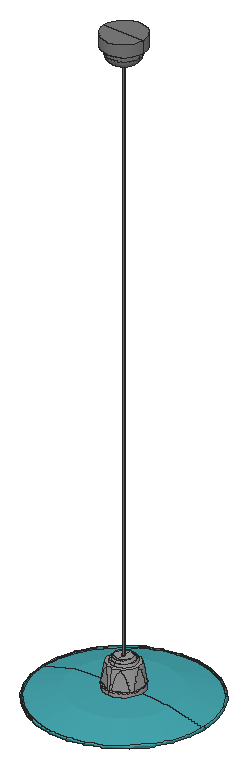
Revit family "Euro Barn Slim EU9  (14,16,18,20,22) LED", category Lighting Fixtures, Revit 2020
Family settings
  Round Connector Dimension = Use Diameter
  Part Type = Normal
  OmniClass Number = 23.80.70.00
  OmniClass Title = Lighting
  Work Plane-Based = No
  Always vertical = Yes
  Cut with Voids When Loaded = No
  Light Source = Yes
  Shared = No
  Room Calculation Point = No
Parameters (values of type "EU922")
  Weight = "5.7 lbs"
  Wattage Comments = "200W Max"
  Wattage = 0.68 W
  Warranty = "5 year limited warranty"  # constant formula
  built-in parameter 1150110 = 1 (stored number, unit not read)
  Voltage = 277 V
  URL = "https://www.anplighting.com/assets/Uploads/product-attachments/specification-sheets/ANP-Specification-Sheet-INC-EU922.pdf"
  built-in parameter 1114217 = 1 (stored number, unit not read)
  Tilt Angle = 90.00°
  built-in parameter 1150109 = 1 (stored number, unit not read)
  built-in parameter 1150134 = 12
  built-in parameter 1150113 = 1 (stored number, unit not read)
  Mounting Option [instance] = 1
  Power Factor = 1
  Post Mount [instance] = Mounting Option = 5  # no
  Placement X axis side [instance] = if(Post Mount, 2' 2 15/32", if(Cord or Stem Mount, 0' 0", if(E36 20 inch, 1' 8 1/4", if(E 6 26 inch, 2' 2", if(E7 41 inch, 3' 5 1/4", 0' 1")))))  # 0' - 0"
  Photometric Web File = "generic.ies"
  Mounting Finish = Mounting finish
  Model = "EU922"
  Manufacturer = "ANP Lighting"  # constant formula
  built-in parameter 1150105 = 127.85 (stored number, unit not read)
  Lumens = 850 lm
  built-in parameter 1150115 = 1 (stored number, unit not read)
  Load Classification = Lighting
  Light Source Height [instance] = 0' - 4"
  built-in parameter 1150137 = (empty or 0)
  built-in parameter 1150139 = (empty or 0)
  Light Elevation _2 [instance] = if(Post Mount, 0' 0.66142", if(E7 41 inch, 0' 0.66142", if(E36 20 inch, 0' 1.65748", if(E 6 26 inch, 0' 1.53543", if(Cord or Stem Mount, (0' 4.3622" + Cord Length), 0' 0")))))  # 6' - 4.3622"
  Light Elevation _1 [instance] = if(Post Mount, 0' 0", if(E7 41 inch, 0' 0", if(E36 20 inch, 0' 1", if(E 6 26 inch, 0' 0.87402", if(Cord or Stem Mount, (0' 3.66142" + Cord Length), 0' 0")))))  # 6' - 3.66142"
  Light Elevation [instance] = if(Post Mount, 14' 0.5315", if(E7 41 inch, 0' 0", 0' 0"))  # 0' - 0"
  Life = "L70 50,000 hours"  # constant formula
  built-in parameter 1150112 = 1 (stored number, unit not read)
  built-in parameter 1150114 = 1 (stored number, unit not read)
  Lamp = "MB"
  built-in parameter 1150132 = 2
  built-in parameter 1150102 = (empty or 0)
  built-in parameter 1150107 = 4000 (stored number, unit not read)
  built-in parameter 1150138 = (empty or 0)
  built-in parameter 1150106 = 1.2785 (stored number, unit not read)
  Fixture Height = 0' - 5 1/4"
  Fixture Finish = Fixture finish
  Fixture Diameter = 1' - 10"
  Efficiency = "65-125 lumens per watt"  # constant formula
  built-in parameter 1150104 = 116.13 (stored number, unit not read)
  EU922 = yes
  EU920 = no
  EU918 = no
  EU916 = no
  EU914 = no
  E7 41 inch [instance] = Mounting Option = 4  # no
  E36 20 inch [instance] = Mounting Option = 3  # no
  E 6 26 inch [instance] = Mounting Option = 2  # no
  Dimming Lamp Color Temperature Shift = <None>
  Dimming = "1%"  # constant formula
  Description = "120-277 Voltage"  # constant formula
  Default Elevation = 0' - 0"
  Cord or Stem Mount [instance] = Mounting Option = 1  # yes
  Cord Length option [instance] = 0
  Cord Length [instance] = if([2' Cord], 2' 0", if([4' Cord], 4' 0", if([8' Cord], 8' 0", if([10' Cord], 10' 0", if([6' Cord], 6' 0", 6' 0")))))  # 6' - 0"
  Construction Material = "Heavy Duty spun aluminum."  # constant formula
  Color Filter = 16777215
  CRI = ">90"  # constant formula
  Body Material = body
  Body Colour = "Spun aluminium"  # constant formula
  built-in parameter 1114218 = 1 (stored number, unit not read)
  built-in parameter 1150133 = 10 (stored number, unit not read)
  Apparent Load = 200 VA
  8' Cord [instance] = Cord Length option = 8  # no
  6' Cord [instance] = Cord Length option = 6  # no
  4' Cord [instance] = Cord Length option = 4  # no
  2' Cord [instance] = Cord Length option = 2  # no
  10' Cord [instance] = Cord Length option = 10  # no
Reference planes (in)
  plane 1 "Light Source Axis (F/B)": y = 0
  plane 2: z = 0
  plane 3 "Light Source Axis (L/R)": x = 0
  plane 4 "Light Source Elevation": z = 0
  plane 5: z = 0
  plane 6: x = 0
  plane 7 "Bulb Position": z = -76.3622
  plane 8 "Canopy Position": z = -75.66142
  plane 9 "IES": z = -80.3622
Dimensions and locks (in)
  "Light Elevation": plane 5 to plane 2
  "Placement X axis side": plane 6 to plane 3 "Light Source Axis (L/R)"
  "Light Elevation _2": plane 5 to plane 7 "Bulb Position"
  "Light Elevation _1": plane 5 to plane 8 "Canopy Position"
  "Light Source Height": plane 7 "Bulb Position" to plane 9 "IES"
  locked: plane 4 "Light Source Elevation" to plane 2
  aligned and locked: level to plane 2
  aligned and locked: plane 1 "Light Source Axis (F/B)" to nested 5
  aligned and locked: nested 5 to plane 2
  aligned and locked: nested 1 to plane 3 "Light Source Axis (L/R)"
  aligned and locked: plane 3 "Light Source Axis (L/R)" to nested 2
  aligned and locked: plane 3 "Light Source Axis (L/R)" to nested 4
  aligned and locked: nested 3 to plane 5
  aligned and locked: plane 3 "Light Source Axis (L/R)" to nested 3
  aligned and locked: plane 3 "Light Source Axis (L/R)" to nested 5
  aligned and locked: plane 1 "Light Source Axis (F/B)" to nested 2
  aligned and locked: plane 1 "Light Source Axis (F/B)" to nested 1
  aligned and locked: plane 1 "Light Source Axis (F/B)" to nested 4
  aligned and locked: plane 1 "Light Source Axis (F/B)" to nested 3
  aligned and locked: plane 2 to nested 1
  aligned and locked: plane 2 to nested 2
  aligned and locked: nested 4 to plane 2
  aligned and locked: imposter light to plane 9 "IES"
  aligned and locked: imposter light to plane 6
  aligned and locked: nested 6 to plane 8 "Canopy Position"
  aligned and locked: nested 7 to plane 8 "Canopy Position"
  aligned and locked: nested 8 to plane 8 "Canopy Position"
  aligned and locked: nested 9 to plane 8 "Canopy Position"
  aligned and locked: nested 10 to plane 8 "Canopy Position"
  aligned and locked: nested 6 to plane 6
  aligned and locked: nested 7 to plane 6
  aligned and locked: nested 8 to plane 6
  aligned and locked: nested 9 to plane 6
  aligned and locked: nested 10 to plane 6
Nested families (in)
  nested 1: "CORD OR STEM MOUNT" at (0, 0, -75.67), visible <- "Cord or Stem Mount", Cord or Stem Mount <- "Cord or Stem Mount", Body Material <- "Body Material", Light Elevation <- "Light Elevation", Cord Length <- "Cord Length", 10' Cord <- "10' Cord", 2' Cord <- "2' Cord", 4' Cord <- "4' Cord", 6' Cord <- "6' Cord", 8' Cord <- "8' Cord", type "CORD OR STEM MOUNT"
    with Light Elevation 0' - 0", Cord or Stem Mount yes, Cord Length 6' - 0", Body Material body, 8' Cord no, 6' Cord no, 4' Cord no, 2' Cord no, 10' Cord no
  nested 2: "E6 26 INCH" at (0, 0, 0), visible <- "E 6 26 inch", Chain Length <- "Cord Length", E 6 26 inch <- "E 6 26 inch", Placement X axis side <- "Placement X axis side", Body Material <- "Body Material", Light Elevation <- "Light Elevation", type "E6 26 INCH"
    with Placement X axis side 0' - 0", Light Elevation 0' - 0", E 6 26 inch no, Chain Length 6' - 0", Body Material body
  nested 3: "E7 41 INCH" at (0, 0, 0), Chain Length <- "Cord Length", visible <- "E7 41 inch", E7 41 inch <- "E7 41 inch", Placement X axis side <- "Placement X axis side", Body Material <- "Body Material", Light Elevation <- "Light Elevation", type "E7 41 INCH"
    with Placement X axis side 0' - 0", Light Elevation 0' - 0", E7 41 inch no, Chain Length 6' - 0", Body Material body
  nested 4: "E36 20 INCH" at (0, 0, 0), visible <- "E36 20 inch", E36 20 inch <- "E36 20 inch", Placement X axis side <- "Placement X axis side", Chain Length <- "Cord Length", Body Material <- "Body Material", Light Elevation <- "Light Elevation", type "E36 20 INCH"
    with Placement X axis side 0' - 0", Light Elevation 0' - 0", E36 20 inch no, Chain Length 6' - 0", Body Material body
  nested 5: "POST MOUNT" at (0, 0, 0), visible <- "Post Mount", Post Mount <- "Post Mount", Placement X axis side <- "Placement X axis side", Chain Length <- "Cord Length", Body Material <- "Body Material", Light Elevation <- "Light Elevation", type "POST MOUNT"
    with Post Mount no, Placement X axis side 0' - 0", Light Elevation 0' - 0", Chain Length 6' - 0", Body Material body
  nested 6: "EU914-1" at (0, 0, -75.66142), Light Elevation <- "Light Elevation", Body <- "Fixture Finish", visible <- "EU914", EU914 <- "EU914", type "EU914-1"
    with Light Elevation 0' - 0", EU914 no, Body Fixture finish
  nested 7: "EU916-1" at (0, 0, -75.66142), Light Elevation <- "Light Elevation", Body <- "Fixture Finish", visible <- "EU916", EU916 <- "EU916", type "EU916-1"
    with Light Elevation 0' - 0", EU916 no, Body Fixture finish
  nested 8: "EU918-1" at (0, 0, -75.66142), Light Elevation <- "Light Elevation", Body <- "Fixture Finish", visible <- "EU918", EU918 <- "EU918", type "EU918-1"
    with Light Elevation 0' - 0", EU918 no, Body Fixture finish
  nested 9: "EU920-1" at (0, 0, -75.66142), Light Elevation <- "Light Elevation", Body <- "Fixture Finish", visible <- "EU920", EU920 <- "EU920", type "EU920-1"
    with Light Elevation 0' - 0", EU920 no, Body Fixture finish
  nested 10: "EU922-1" at (0, 0, -75.66142), Light Elevation <- "Light Elevation", Body <- "Fixture Finish", visible <- "EU922", EU922 <- "EU922", type "EU922-1"
    with Light Elevation 0' - 0", EU922 yes, Body Fixture finish
Definition of nested family "CORD OR STEM MOUNT"
  Parameters (values of type "CORD OR STEM MOUNT")
    URL = ""
    Model = ""
    Manufacturer = ""
    Light Elevation [instance] = 1' - 7.69"
    Default Elevation = 0' - 0"
    Cord or Stem Mount [instance] = yes
    Cord Length [instance] = 6' - 0"
    Body Material [instance] = none
    8' Cord [instance] = no
    6' Cord [instance] = no
    4' Cord [instance] = no
    2' Cord [instance] = no
    10' Cord [instance] = no
  Reference planes (in)
    plane 1 "Light Source Axis (F/B)": y = 0
    plane 2: z = 0
    plane 3 "Light Source Axis (L/R)": x = 0
    plane 4 "Light Source Elevation": z = 23.125
    plane 5: z = 91.69
    plane 6: z = 19.69
  Forms (in)
    Extrusion 1, void, not visible
      sketch origin (0, 0, 2.38154) x (1, 0, 0) y (0, 0, 1)
        loop
          circle (0, 4.59925) r 0.16583
      from 1.18594 to 1.75
    Extrusion 2, void, not visible
      sketch origin (0, 0, 2.38154) x (0.707107, -0.707107, 0) y (0, 0, 1)
        loop
          circle (0, 4.59925) r 0.16583
      from 1.18594 to 1.75
    Extrusion 3, void, not visible
      sketch origin (0, 0, 2.38154) x (0.707107, 0.707107, 0) y (0, 0, 1)
        loop
          circle (0, 4.59925) r 0.16583
      from 1.18594 to 1.75
    Extrusion 4, void, not visible
      sketch origin (0, 0, 2.38154) x (0, 1, 0) y (0, 0, 1)
        loop
          circle (0, 4.59925) r 0.16583
      from 1.18594 to 1.75
    Extrusion 5, void, not visible
      sketch origin (0, 0, 2.38154) x (-0.707107, 0.707107, 0) y (0, 0, 1)
        loop
          circle (0, 4.59925) r 0.16583
      from 1.18594 to 1.75
    Extrusion 6, void, not visible
      sketch origin (0, 0, 2.38154) x (-1, 0, 0) y (0, 0, 1)
        loop
          circle (0, 4.59925) r 0.20678
      from 1.18594 to 1.75
    Extrusion 7, void, not visible
      sketch origin (0, 0, 2.38154) x (-0.707107, -0.707107, 0) y (0, 0, 1)
        loop
          circle (0, 4.59925) r 0.16583
      from 1.18594 to 1.75
    Extrusion 8, void, not visible
      sketch origin (0, 0, 2.38154) x (0, -1, 0) y (0, 0, 1)
        loop
          circle (0, 4.59925) r 0.16583
      from 1.18594 to 1.75
    Revolve 9, solid, material <- "Body Material", visible <- "Cord or Stem Mount"
      sketch origin (0, 0, 174.56698) x (1, 0, 0) y (0, 0, 1)
        loop
          line (2.6875, -79.20698) -> (0, -79.20698) -> (0, -82.87698) -> (0.125, -82.87698) -> (0.125, -82.83698) -> (0.75, -82.83698)
          arc (0.75, -82.83698) -> (0.81694, -82.77004) -> (0.75, -82.7031) r 0.06694
          line (0.75, -82.7031) -> (0.89763, -82.7031) -> (1.00223, -82.5985) -> (1.06587, -82.5985)
          arc (1.06587, -82.5985) -> (1.80099, -82.29401) -> (2.10549, -81.55888) r 1.03962
          line (2.10549, -81.55888) -> (2.10549, -81.03899)
          arc (2.10549, -81.03899) -> (2.12951, -80.981) -> (2.1875, -80.95698) r 0.08201
          line (2.1875, -80.95698) -> (2.1875, -80.70698) -> (2.6875, -80.70698) -> (2.6875, -79.20698)
        axis (0, -79.20698) -> (0, -82.87698)
      angle from 0 to 360
    Revolve 10, solid, material <- "Body Material", visible <- "Cord or Stem Mount"
      sketch origin (0, 0, 0) x (1, 0, 0) y (0, 0, 1)
        loop
          line (0, 91.69) -> (-0.125, 91.69) -> (-0.125, 19.69) -> (0, 19.69) -> (0, 91.69)
        axis (0, 19.69) -> (0, 91.69)
      angle from 0 to 360
  Dimensions and locks (in)
    "Light Elevation": plane 6 to plane 2
    "Cord Length": plane 5 to plane 6
    locked: Revolve 10 sketch curve to Revolve 10 sketch curve at 0.125
    aligned and locked: level to plane 2
    aligned and locked: Revolve 10 sketch curve to plane 3 "Light Source Axis (L/R)"
    aligned and locked: Revolve 10 sketch curve to plane 6
    aligned and locked: Revolve 10 sketch curve to plane 5
    aligned and locked: plane 3 "Light Source Axis (L/R)" to Revolve 10 sketch curve
  Automatic sketch dimensions
    Revolve 9 sketch curve to plane 3 "Light Source Axis (L/R)" = 0' - 0"  (x2)
    Revolve 9 sketch curve to plane 5 = 0' - 0"
    plane 3 "Light Source Axis (L/R)" to Revolve 9 sketch curve = 0' - 0 1/8"
    Revolve 9 sketch curve to plane 5 = 0' - 0.17388"
    Revolve 9 sketch curve to Revolve 9 sketch curve = 0' - 0 5/8"
    Revolve 9 sketch curve to Revolve 9 sketch curve = 0' - 0.14763"
    Revolve 9 sketch curve to plane 5 = 0' - 0.27847"
    Revolve 9 sketch curve to Revolve 9 sketch curve = 0' - 0.1046"
    Revolve 9 sketch curve to Revolve 9 sketch curve = 0' - 0.06364"
    Revolve 9 sketch curve to Revolve 9 sketch curve = 0' - 1.03962"
    Revolve 9 sketch curve to Revolve 9 sketch curve = 0' - 0 21/256"
    Revolve 9 sketch curve to Revolve 9 sketch curve = 0' - 0 1/2"  (x2)
    Revolve 9 sketch curve to Revolve 9 sketch curve = 0' - 0.51989"
    Revolve 9 sketch curve to Revolve 9 sketch curve = 0' - 0 1/4"
    Revolve 9 sketch curve to Revolve 9 sketch curve = 0' - 2.3519"
    Revolve 9 sketch curve to Revolve 9 sketch curve = 0' - 1 1/4"
    Revolve 9 sketch curve to Revolve 9 sketch curve = 0' - 0.04"
    Revolve 10 sketch curve to Revolve 10 sketch curve = 0' - 0 1/2"
    Revolve 10 sketch curve to Revolve 10 sketch curve = 0' - 0.42345"
Definition of nested family "EU922-1"
  Parameters (values of type "EU922-1")
    Mounting Finish = none
    Light Elevation [instance] = 0' - 0"
    EU922 [instance] = yes
    Default Elevation = 0' - 0"
    Body [instance] = none
  Reference planes (in)
    plane 1 "Center (Front/Back)": y = 0
    plane 2: z = 0
    plane 3 "Center (Left/Right)": x = 0
    plane 4: z = 0
  Dimensions and locks (in)
    "Light Elevation": plane 4 to plane 2
    aligned and locked: plane 2 to level
    aligned and locked: plane 3 "Center (Left/Right)" to nested 1
    aligned and locked: plane 1 "Center (Front/Back)" to nested 1
    aligned and locked: plane 4 to nested 1
  Nested families (in)
    nested 1: "EU922" at (0, 0, -5.25), visible <- "EU922", Body <- "Body", EU922 <- "EU922", type "EU922"
      with EU922 yes, Body none
  Definition of nested family "EU922"
    Parameters (values of type "EU922")
      SHADE = none
      HUB = none
      EU922 [instance] = yes
      Default Elevation = 0' - 0"
      Body [instance] = none
    Reference planes (in)
      plane 1 "Center (Front/Back)": y = 0
      plane 2: z = 0
      plane 3 "Center (Left/Right)": x = 0
      plane 4: x = -11
      plane 5: x = 11
      plane 6: z = 5.25
    Forms (in)
      Revolve 1, solid, material <- "HUB", visible <- "EU922"
        sketch origin (0, 11.70542, -5.46062) x (0, 1, 0) y (0, 0, 1)
          loop
            arc (-12.84617, 10.71062) -> (-12.87485, 10.70158) -> (-12.89316, 10.67772) r 0.05
            line (-12.89316, 10.67772) -> (-13.01461, 10.34404) -> (-13.21461, 10.34404) -> (-13.31652, 10.06404) -> (-13.6924, 9.92723) -> (-14.13025, 7.44404) -> (-14.16127, 7.44404)
            arc (-14.16127, 7.44404) -> (-14.1928, 7.42739) -> (-14.20542, 7.39404) r 0.05039
            line (-14.20542, 7.39404) -> (-14.20542, 6.89404) -> (-11.95542, 6.89404) -> (-11.95542, 10.71062) -> (-12.84617, 10.71062)
          axis (-11.70542, 10.71062) -> (-11.70542, 6.89404)
        angle from 0 to 360
      Extrusion 2, void
        sketch origin (11.70542, 0, -5.46062) x (1, 0, 0) y (0, 0, 1)
          loop
            line (-9.24957, 7.44404) -> (-9.24957, 10.19404) -> (-9.7364, 10.19404) -> (-9.4864, 7.44404) -> (-9.24957, 7.44404)
        from -1.03027 to 1.03705
      Extrusion 3, void
        sketch origin (-11.70542, 0.0024, -5.46062) x (-1, 0.000784, 0) y (0, 0, 1)
          loop
            line (-9.24957, 7.44404) -> (-9.24957, 10.19404) -> (-9.7364, 10.19404) -> (-9.4864, 7.44404) -> (-9.24957, 7.44404)
        from -1.03027 to 1.03705
      Extrusion 4, void
        sketch origin (5.85368, 10.13421, -5.46062) x (0.500262, 0.865874, 0) y (0, 0, 1)
          loop
            line (-9.24957, 7.44404) -> (-9.24957, 10.19404) -> (-9.7364, 10.19404) -> (-9.4864, 7.44404) -> (-9.24957, 7.44404)
        from -1.03027 to 1.03705
      Extrusion 5, void
        sketch origin (-5.85996, -10.13543, -5.46062) x (-0.500941, -0.865481, 0) y (0, 0, 1)
          loop
            line (-9.24957, 7.44404) -> (-9.24957, 10.19404) -> (-9.7364, 10.19404) -> (-9.4864, 7.44404) -> (-9.24957, 7.44404)
        from -1.03027 to 1.03705
      Extrusion 6, void
        sketch origin (-5.84989, 10.13882, -5.46062) x (-0.49958, 0.866268, 0) y (0, 0, 1)
          loop
            line (-9.24957, 7.44404) -> (-9.24957, 10.19404) -> (-9.7364, 10.19404) -> (-9.4864, 7.44404) -> (-9.24957, 7.44404)
        from -1.03027 to 1.03705
      Extrusion 7, void
        sketch origin (5.84361, -10.14244, -5.46062) x (0.4989, -0.866659, 0) y (0, 0, 1)
          loop
            line (-9.24957, 7.44404) -> (-9.24957, 10.19404) -> (-9.7364, 10.19404) -> (-9.4864, 7.44404) -> (-9.24957, 7.44404)
        from -1.03027 to 1.03705
      Revolve 8, solid, material <- "Body", visible <- "EU922"
        sketch origin (0, 0, 0) x (1, 0, 0) y (0, 0, 1)
          loop
            line (-1.94893, 2.10445) -> (-1.99893, 2.10445) -> (-2.25, 1.85338) -> (-2.25, 1.40598)
            arc (-2.25, 1.40598) -> (-6.6279, 1.18624) -> (-10.87243, 0.09159) r 21.71078
            arc (-10.87243, 0.09159) -> (-10.90649, 0.1265) -> (-10.8625, 0.14754) r 0.03
            arc (-10.8625, 0.14754) -> (-10.79884, 0.16602) -> (-10.81732, 0.22969) r 0.04688
            arc (-10.81732, 0.22969) -> (-10.99975, 0.1366) -> (-10.84584, 0.00147) r 0.12375
            arc (-10.84584, 0.00147) -> (-6.56809, 1.10048) -> (-2.15625, 1.3071) r 21.61703
            line (-2.15625, 1.3071) -> (-2.15625, 1.81455) -> (-1.93264, 2.03816)
            arc (-1.93264, 2.03816) -> (-1.9148, 2.07769) -> (-1.94893, 2.10445) r 0.03515
          axis (0, 0.00147) -> (0, 2.10445)
        angle from 0 to 360
    Cuts and joins
      Extrusion 2, Extrusion 3, Extrusion 4, Extrusion 5, Extrusion 6, Extrusion 7 cuts Revolve 1
    Dimensions and locks (in)
      locked: plane 5 to plane 4 at 22
      locked: plane 6 to level at 5.25
      aligned and locked: plane 2 to level
Definition of nested family "E6 26 INCH"
  Parameters (values of type "E6 26 INCH")
    URL = ""
    Placement X axis side [instance] = 2' - 2"
    Model = ""
    Manufacturer = ""
    Light Elevation [instance] = 8' - 4"
    E 6 26 inch [instance] = yes
    Default Elevation = 0' - 0"
    Chain Length [instance] = 0' - 0"
    Body Material [instance] = none
  Reference planes (in)
    plane 1 "Light Source Axis (F/B)": y = 0
    plane 2: z = 0
    plane 3 "Light Source Axis (L/R)": x = 0
    plane 4 "Light Source Elevation": z = 23.125
    plane 5: z = 100
    plane 6: x = -26
    plane 7: z = 99.125
    plane 8: x = -24.12
    plane 9: x = -25.5474
  Forms (in)
    Extrusion 1, void, not visible
      sketch origin (0, 0, 2.38154) x (1, 0, 0) y (0, 0, 1)
        loop
          circle (0, 4.59925) r 0.16583
      from 1.18594 to 1.75
    Extrusion 2, void, not visible
      sketch origin (0, 0, 2.38154) x (0.707107, -0.707107, 0) y (0, 0, 1)
        loop
          circle (0, 4.59925) r 0.16583
      from 1.18594 to 1.75
    Extrusion 3, void, not visible
      sketch origin (0, 0, 2.38154) x (0.707107, 0.707107, 0) y (0, 0, 1)
        loop
          circle (0, 4.59925) r 0.16583
      from 1.18594 to 1.75
    Extrusion 4, void, not visible
      sketch origin (0, 0, 2.38154) x (0, 1, 0) y (0, 0, 1)
        loop
          circle (0, 4.59925) r 0.16583
      from 1.18594 to 1.75
    Extrusion 5, void, not visible
      sketch origin (0, 0, 2.38154) x (-0.707107, 0.707107, 0) y (0, 0, 1)
        loop
          circle (0, 4.59925) r 0.16583
      from 1.18594 to 1.75
    Extrusion 6, void, not visible
      sketch origin (0, 0, 2.38154) x (-1, 0, 0) y (0, 0, 1)
        loop
          circle (0, 4.59925) r 0.20678
      from 1.18594 to 1.75
    Extrusion 7, void, not visible
      sketch origin (0, 0, 2.38154) x (-0.707107, -0.707107, 0) y (0, 0, 1)
        loop
          circle (0, 4.59925) r 0.16583
      from 1.18594 to 1.75
    Extrusion 8, void, not visible
      sketch origin (0, 0, 2.38154) x (0, -1, 0) y (0, 0, 1)
        loop
          circle (0, 4.59925) r 0.16583
      from 1.18594 to 1.75
    Sweep 9, solid, material <- "Body Material", visible <- "E 6 26 inch"
      path origin (-41.25, 0, 168.51693) x (1, 0, 0) y (0, 0, 1)
        loop
          line (17.13, -68.51693) -> (27.68551, -68.51693)
          arc (27.68551, -68.51693) -> (28.47996, -68.34486) -> (29.13202, -67.8595) r 1.92004
          line (29.13202, -67.8595) -> (34.23651, -62.01155)
          arc (34.23651, -62.01155) -> (38.65464, -60.89667) -> (41.25, -64.64193) r 4
          line (41.25, -64.64193) -> (41.25, -69.39193)
      profile origin (-18.84224, 0, 100) x (0, 0, 1) y (0, -1, 0)
        loop
          circle (0, 0) r 0.5
    Revolve 10, solid, material <- "Body Material", visible <- "E 6 26 inch"
      sketch origin (-26, 0, 168.51693) x (1, 0, 0) y (0, 0, 1)
        loop
          line (0, -66.07943) -> (0, -68.51693) -> (1.88, -68.51693) -> (1.88, -67.69272) -> (0.4526, -67.69272) -> (0.4526, -66.54122) -> (0.33125, -66.54122) -> (0.33125, -66.07943) -> (0, -66.07943)
        axis (0, -68.51693) -> (1.88, -68.51693)
      angle from 0 to 360
    Extrusion 11, solid, material <- "Body Material", visible <- "E 6 26 inch"
      sketch origin (-26, 0, 168.51693) x (0, -1, 0) y (0, 0, -1)
        loop
          line (0.25, 68.51693) -> (0.25, 69.51693) -> (-0.25, 69.51693) -> (-0.25, 68.51693) -> (0.25, 68.51693)
      from 0.4526 to 1.88
  Cuts and joins
    joined: Revolve 10, Extrusion 11
  Dimensions and locks (in)
    "Light Elevation": plane 5 to plane 2
    "Placement X axis side": plane 3 "Light Source Axis (L/R)" to plane 6
    locked: plane 5 to plane 7 at 0.875
    Revolve 10 sketch curve to Revolve 10 sketch curve to Revolve 10 sketch curve to plane 6 = 0' - 1.4274" locked, 0' - 0.12135" locked, 0' - 0.33125" locked
    Revolve 10 sketch curve to Revolve 10 sketch curve to Revolve 10 sketch curve to plane 5 = 0' - 0.46179" locked, 0' - 1.1515" locked, 0' - 0 211/256" locked
    locked: Sweep 9 sketch curve to plane 6 at 1.88
    locked: Sweep 9 sketch curve to Sweep 9 sketch curve at 10.55551
    locked: Sweep 9 sketch curve to Sweep 9 sketch curve at 13.56449
    locked: Sweep 9 sketch curve to Sweep 9 sketch curve at 4.75
    locked: plane 9 to plane 6 at 0.4526
    locked: plane 8 to plane 9 at 1.4274
    aligned and locked: level to plane 2
    aligned and locked: Revolve 10 sketch curve to plane 6
    aligned and locked: plane 5 to Revolve 10 sketch curve
    aligned and locked: Revolve 10 sketch curve to plane 5
    aligned and locked: cut or joined group of Revolve 10, Extrusion 11 to plane 9
    aligned and locked: plane 8 to cut or joined group of Revolve 10, Extrusion 11
  Automatic sketch dimensions
    Sweep 9 sketch curve to plane 5 = 0' - 0"
    Sweep 9 sketch curve to Sweep 9 sketch curve = 0' - 4"
    Sweep 9 sketch curve to Sweep 9 sketch curve = 0' - 3.01349"
    plane 5 to Sweep 9 sketch curve = 0' - 0.65743"
    Sweep 9 sketch curve to Sweep 9 sketch curve = 0' - 1.4465"
    Sweep 9 sketch curve to plane 5 = 0' - 0 7/8"
    profile plane to Sweep 9 sketch curve = 0' - 0"
    Sweep 9 sketch curve to profile plane = 0' - 0"
    plane 6 to Revolve 10 sketch curve = 0' - 0.62562"
    Revolve 10 sketch curve to Revolve 10 sketch curve = 0' - 0 1/2"
    Extrusion 11 sketch curve to plane 5 = 0' - 0"
    plane 1 "Light Source Axis (F/B)" to Extrusion 11 sketch curve = 0' - 0 1/4"
    Extrusion 11 sketch curve to plane 1 "Light Source Axis (F/B)" = 0' - 0 1/4"
    plane 5 to Extrusion 11 sketch curve = 0' - 1"
    radius of Sweep 9 sketch curve = 0' - 0 1/2"
Definition of nested family "E7 41 INCH"
  Parameters (values of type "E7 41 INCH")
    URL = ""
    Placement X axis side [instance] = 4' - 2"
    Model = ""
    Manufacturer = ""
    Light Elevation [instance] = 8' - 4"
    E7 41 inch [instance] = yes
    Default Elevation = 0' - 0"
    Chain Length [instance] = 0' - 0"
    Body Material [instance] = none
  Reference planes (in)
    plane 1 "Light Source Axis (F/B)": y = 0
    plane 2: z = 0
    plane 3 "Light Source Axis (L/R)": x = 0
    plane 4 "Light Source Elevation": z = 23.125
    plane 5: z = 100
    plane 6: x = -50
  Forms (in)
    Extrusion 1, void, not visible
      sketch origin (0, 0, 2.38154) x (1, 0, 0) y (0, 0, 1)
        loop
          circle (0, 4.59925) r 0.16583
      from 1.18594 to 1.75
    Extrusion 2, void, not visible
      sketch origin (0, 0, 2.38154) x (0.707107, -0.707107, 0) y (0, 0, 1)
        loop
          circle (0, 4.59925) r 0.16583
      from 1.18594 to 1.75
    Extrusion 3, void, not visible
      sketch origin (0, 0, 2.38154) x (0.707107, 0.707107, 0) y (0, 0, 1)
        loop
          circle (0, 4.59925) r 0.16583
      from 1.18594 to 1.75
    Extrusion 4, void, not visible
      sketch origin (0, 0, 2.38154) x (0, 1, 0) y (0, 0, 1)
        loop
          circle (0, 4.59925) r 0.16583
      from 1.18594 to 1.75
    Extrusion 5, void, not visible
      sketch origin (0, 0, 2.38154) x (-0.707107, 0.707107, 0) y (0, 0, 1)
        loop
          circle (0, 4.59925) r 0.16583
      from 1.18594 to 1.75
    Extrusion 6, void, not visible
      sketch origin (0, 0, 2.38154) x (-1, 0, 0) y (0, 0, 1)
        loop
          circle (0, 4.59925) r 0.20678
      from 1.18594 to 1.75
    Extrusion 7, void, not visible
      sketch origin (0, 0, 2.38154) x (-0.707107, -0.707107, 0) y (0, 0, 1)
        loop
          circle (0, 4.59925) r 0.16583
      from 1.18594 to 1.75
    Extrusion 8, void, not visible
      sketch origin (0, 0, 2.38154) x (0, -1, 0) y (0, 0, 1)
        loop
          circle (0, 4.59925) r 0.16583
      from 1.18594 to 1.75
    Revolve 9, solid, material <- "Body Material", visible <- "E7 41 inch"
      sketch origin (-41.25, 0, 168.39193) x (1, 0, 0) y (0, 0, 1)
        loop
          line (-8.75, -66.20443) -> (-8.75, -68.51693) -> (-6.87, -68.51693) -> (-6.87, -67.69272) -> (-8.2974, -67.69272) -> (-8.2974, -66.54122) -> (-8.41875, -66.54122) -> (-8.41875, -66.20443) -> (-8.75, -66.20443)
        axis (-8.75, -68.51693) -> (-6.87, -68.51693)
      angle from 0 to 360
    Extrusion 10, solid, material <- "Body Material", visible <- "E7 41 inch"
      sketch origin (-41.25, 0, 168.39193) x (0, -1, 0) y (0, 0, -1)
        loop
          line (0.25, 68.51693) -> (0.25, 69.51693) -> (-0.25, 69.51693) -> (-0.25, 68.51693) -> (0.25, 68.51693)
      from -8.2974 to -6.87
    Sweep 11, solid, material <- "Body Material", visible <- "E7 41 inch"
      path origin (-41.25, 0, 168.39193) x (1, 0, 0) y (0, 0, 1)
        loop
          line (-6.87, -68.51693) -> (16.04011, -68.51693)
          arc (16.04011, -68.51693) -> (17.864, -68.13651) -> (19.38375, -67.0587) r 4.5625
          line (19.38375, -67.0587) -> (24.70217, -61.33018)
          arc (24.70217, -61.33018) -> (29.64465, -60.20324) -> (32.5, -64.39193) r 4.5
          line (32.5, -64.39193) -> (32.5, -68.39193)
      profile origin (-36.66494, 0, 99.875) x (0, 0, 1) y (0, -1, 0)
        loop
          circle (0, 0) r 0.5
  Dimensions and locks (in)
    "Placement X axis side": plane 3 "Light Source Axis (L/R)" to plane 6
    "Light Elevation": plane 5 to plane 2
    locked: Revolve 9 sketch curve to Revolve 9 sketch curve at 0.33125
    locked: Revolve 9 sketch curve to Revolve 9 sketch curve at 0.4526
    locked: Revolve 9 sketch curve to Revolve 9 sketch curve at 1.88
    locked: Revolve 9 sketch curve to Revolve 9 sketch curve at 0.82421
    locked: Revolve 9 sketch curve to Revolve 9 sketch curve at 1.1515
    locked: Revolve 9 sketch curve to Revolve 9 sketch curve at 0.33679
    locked: plane 5 to Revolve 9 sketch curve at 0.125
    locked: Extrusion 10 sketch curve to Extrusion 10 sketch curve at 0.5
    locked: Extrusion 10 sketch curve to Extrusion 10 sketch curve at 1
    locked: plane 5 to Extrusion 10 sketch curve at 0.125
    locked: plane 5 to Sweep 11 sketch curve at 0.125
    locked: Sweep 11 sketch curve to Sweep 11 sketch curve at 39.37
    locked: Sweep 11 sketch curve to Sweep 11 sketch curve at 4
    locked: plane 6 to Extrusion 10 at 0.4526
    locked: Sweep 11 sketch curve to plane 6 at 1.88
    locked: Extrusion 10 to Extrusion 10 at 1.4274
    aligned and locked: plane 2 to level
    aligned and locked: Revolve 9 sketch curve to plane 6
  Automatic sketch dimensions
    Revolve 9 sketch curve to plane 5 = 0' - 0 1/8"
    plane 6 to Revolve 9 sketch curve = 0' - 0.62562"
    Revolve 9 sketch curve to Revolve 9 sketch curve = 0' - 0 1/2"
    plane 1 "Light Source Axis (F/B)" to Extrusion 10 sketch curve = 0' - 0 1/4"
    Sweep 11 sketch curve to plane 5 = 0' - 0"
    Sweep 11 sketch curve to Sweep 11 sketch curve = 0' - 4 1/2"
    Sweep 11 sketch curve to Sweep 11 sketch curve = 0' - 3.29783"
    plane 5 to Sweep 11 sketch curve = 0' - 1.33323"
    Sweep 11 sketch curve to Sweep 11 sketch curve = 0' - 5.31842"
    Sweep 11 sketch curve to Sweep 11 sketch curve = 0' - 3.34364"
    profile plane to Sweep 11 sketch curve = 0' - 0"
    Sweep 11 sketch curve to profile plane = 0' - 0"
    radius of Sweep 11 sketch curve = 0' - 0 1/2"
Definition of nested family "E36 20 INCH"
  Parameters (values of type "E36 20 INCH")
    URL = ""
    Placement X axis side [instance] = 1' - 8 1/4"
    Model = ""
    Manufacturer = ""
    Light Elevation [instance] = 8' - 4"
    E36 20 inch [instance] = yes
    Default Elevation = 0' - 0"
    Chain Length [instance] = 0' - 0"
    Body Material [instance] = none
  Reference planes (in)
    plane 1 "Light Source Axis (F/B)": y = 0
    plane 2: z = 0
    plane 3 "Light Source Axis (L/R)": x = 0
    plane 4 "Light Source Elevation": z = 23.125
    plane 5: z = 99
    plane 6: x = -20.25
    plane 7: z = 100
    plane 8: x = -18.37008
    plane 9: x = -19.79724
  Forms (in)
    Extrusion 1, void, not visible
      sketch origin (0, 0, 2.38154) x (1, 0, 0) y (0, 0, 1)
        loop
          circle (0, 4.59925) r 0.16583
      from 1.18594 to 1.75
    Extrusion 2, void, not visible
      sketch origin (0, 0, 2.38154) x (0.707107, -0.707107, 0) y (0, 0, 1)
        loop
          circle (0, 4.59925) r 0.16583
      from 1.18594 to 1.75
    Extrusion 3, void, not visible
      sketch origin (0, 0, 2.38154) x (0.707107, 0.707107, 0) y (0, 0, 1)
        loop
          circle (0, 4.59925) r 0.16583
      from 1.18594 to 1.75
    Extrusion 4, void, not visible
      sketch origin (0, 0, 2.38154) x (0, 1, 0) y (0, 0, 1)
        loop
          circle (0, 4.59925) r 0.16583
      from 1.18594 to 1.75
    Extrusion 5, void, not visible
      sketch origin (0, 0, 2.38154) x (-0.707107, 0.707107, 0) y (0, 0, 1)
        loop
          circle (0, 4.59925) r 0.16583
      from 1.18594 to 1.75
    Extrusion 6, void, not visible
      sketch origin (0, 0, 2.38154) x (-1, 0, 0) y (0, 0, 1)
        loop
          circle (0, 4.59925) r 0.20678
      from 1.18594 to 1.75
    Extrusion 7, void, not visible
      sketch origin (0, 0, 2.38154) x (-0.707107, -0.707107, 0) y (0, 0, 1)
        loop
          circle (0, 4.59925) r 0.16583
      from 1.18594 to 1.75
    Extrusion 8, void, not visible
      sketch origin (0, 0, 2.38154) x (0, -1, 0) y (0, 0, 1)
        loop
          circle (0, 4.59925) r 0.16583
      from 1.18594 to 1.75
    Sweep 9, solid, material <- "Body Material", visible <- "E36 20 inch"
      path origin (-41.25, 0, 169.51693) x (1, 0, 0) y (0, 0, 1)
        loop
          line (22.88, -69.51693) -> (28.93827, -69.51693)
          arc (28.93827, -69.51693) -> (29.97705, -69.28152) -> (30.81284, -68.62128) r 2.40953
          line (30.81284, -68.62128) -> (34.13807, -64.50378)
          arc (34.13807, -64.50378) -> (38.58272, -63.24548) -> (41.25, -67.01693) r 4
          line (41.25, -67.01693) -> (41.25, -70.51693)
      profile origin (-15.34086, 0, 100) x (0, 0, 1) y (0, -1, 0)
        loop
          circle (0, 0) r 0.5
    Revolve 10, solid, material <- "Body Material", visible <- "E36 20 inch"
      sketch origin (-20.25, 0, 169.51693) x (1, 0, 0) y (0, 0, 1)
        loop
          line (0, -67.20443) -> (0, -69.51693) -> (1.88, -69.51693) -> (1.88, -68.69272) -> (0.4526, -68.69272) -> (0.4526, -67.54122) -> (0.33125, -67.54122) -> (0.33125, -67.20443) -> (0, -67.20443)
        axis (0, -69.51693) -> (1.88, -69.51693)
      angle from 0 to 360
    Extrusion 11, solid, material <- "Body Material", visible <- "E36 20 inch"
      sketch origin (-20.25, 0, 169.51693) x (0, -1, 0) y (0, 0, -1)
        loop
          line (0.25, 69.51693) -> (0.25, 70.51693) -> (-0.25, 70.51693) -> (-0.25, 69.51693) -> (0.25, 69.51693)
      from 1.87992 to 0.45276
  Cuts and joins
    joined: Revolve 10, Extrusion 11
  Dimensions and locks (in)
    "Light Elevation": plane 7 to plane 2
    "Placement X axis side": plane 3 "Light Source Axis (L/R)" to plane 6
    locked: plane 7 to plane 5 at 1
    Revolve 10 sketch curve to Revolve 10 sketch curve to Revolve 10 sketch curve to plane 7 = 0' - 0.33679" locked, 0' - 1.1515" locked, 0' - 0 211/256" locked
    locked: Sweep 9 sketch curve to plane 6 at 1.88
    locked: Sweep 9 sketch curve to Sweep 9 sketch curve at 6.05827
    locked: Sweep 9 sketch curve to Sweep 9 sketch curve at 12.31173
    locked: Sweep 9 sketch curve to Sweep 9 sketch curve at 3.5
    Revolve 10 sketch curve to Revolve 10 sketch curve to Revolve 10 sketch curve to plane 6 = 0' - 1.4274" locked, 0' - 0.12135" locked, 0' - 0.33125" locked
    locked: plane 9 to plane 6 at 0.45276
    locked: plane 8 to plane 9 at 1.42717
    aligned and locked: level to plane 2
    aligned and locked: plane 7 to Revolve 10 sketch curve
    aligned and locked: Revolve 10 sketch curve to plane 7
    aligned and locked: Revolve 10 sketch curve to plane 6
    aligned and locked: cut or joined group of Revolve 10, Extrusion 11 to plane 9
    aligned and locked: plane 8 to cut or joined group of Revolve 10, Extrusion 11
  Automatic sketch dimensions
    Sweep 9 sketch curve to plane 7 = 0' - 0"
    Sweep 9 sketch curve to plane 5 = 0' - 0"
    Sweep 9 sketch curve to Sweep 9 sketch curve = 0' - 4"
    Sweep 9 sketch curve to plane 7 = 0' - 0.89565"
    Sweep 9 sketch curve to Sweep 9 sketch curve = 0' - 3.32523"
    Sweep 9 sketch curve to Sweep 9 sketch curve = 0' - 1.87457"
    profile plane to Sweep 9 sketch curve = 0' - 0"
    Sweep 9 sketch curve to profile plane = 0' - 0"
    plane 6 to Revolve 10 sketch curve = 0' - 0.62562"
    Revolve 10 sketch curve to Revolve 10 sketch curve = 0' - 0 1/2"
    plane 7 to Extrusion 11 sketch curve = 0' - 0"
    Extrusion 11 sketch curve to plane 5 = 0' - 0"
    plane 1 "Light Source Axis (F/B)" to Extrusion 11 sketch curve = 0' - 0 1/4"
    Extrusion 11 sketch curve to plane 1 "Light Source Axis (F/B)" = 0' - 0 1/4"
    radius of Sweep 9 sketch curve = 0' - 0 1/2"
Definition of nested family "POST MOUNT"
  Parameters (values of type "POST MOUNT")
    URL = ""
    Post Mount [instance] = yes
    Placement X axis side [instance] = 2' - 2 1/2"
    Model = ""
    Manufacturer = ""
    Light Elevation [instance] = 14' - 0.5168"
    Default Elevation = 0' - 0"
    Chain Length [instance] = 0' - 0"
    Body Material [instance] = none
  Reference planes (in)
    plane 1 "Light Source Axis (F/B)": y = 0
    plane 2: z = 0
    plane 3 "Light Source Axis (L/R)": x = 0
    plane 4 "Light Source Elevation": z = 23.125
    plane 5: x = -26.5
    plane 6: z = 168.5168
  Forms (in)
    Extrusion 1, void, not visible
      sketch origin (0, 0, 2.38154) x (1, 0, 0) y (0, 0, 1)
        loop
          circle (0, 4.59925) r 0.16583
      from 1.18594 to 1.75
    Extrusion 2, void, not visible
      sketch origin (0, 0, 2.38154) x (0.707107, -0.707107, 0) y (0, 0, 1)
        loop
          circle (0, 4.59925) r 0.16583
      from 1.18594 to 1.75
    Extrusion 3, void, not visible
      sketch origin (0, 0, 2.38154) x (0.707107, 0.707107, 0) y (0, 0, 1)
        loop
          circle (0, 4.59925) r 0.16583
      from 1.18594 to 1.75
    Extrusion 4, void, not visible
      sketch origin (0, 0, 2.38154) x (0, 1, 0) y (0, 0, 1)
        loop
          circle (0, 4.59925) r 0.16583
      from 1.18594 to 1.75
    Extrusion 5, void, not visible
      sketch origin (0, 0, 2.38154) x (-0.707107, 0.707107, 0) y (0, 0, 1)
        loop
          circle (0, 4.59925) r 0.16583
      from 1.18594 to 1.75
    Extrusion 6, void, not visible
      sketch origin (0, 0, 2.38154) x (-1, 0, 0) y (0, 0, 1)
        loop
          circle (0, 4.59925) r 0.20678
      from 1.18594 to 1.75
    Extrusion 7, void, not visible
      sketch origin (0, 0, 2.38154) x (-0.707107, -0.707107, 0) y (0, 0, 1)
        loop
          circle (0, 4.59925) r 0.16583
      from 1.18594 to 1.75
    Extrusion 8, void, not visible
      sketch origin (0, 0, 2.38154) x (0, -1, 0) y (0, 0, 1)
        loop
          circle (0, 4.59925) r 0.16583
      from 1.18594 to 1.75
    Revolve 9, solid, material <- "Body Material", visible <- "Post Mount"
      sketch origin (-7.90508, 0, 0) x (1, 0, 0) y (0, 0, 1)
        loop
          line (-18.59492, 3.92912) -> (-16.29831, 3.92912) -> (-16.29831, 4.2668) -> (-16.91413, 4.2668) -> (-16.91413, 134.5168) -> (-17.16413, 134.5168) -> (-17.16413, 137.3918) -> (-17.05979, 137.3918)
          arc (-17.05979, 137.3918) -> (-16.93479, 137.5168) -> (-17.05979, 137.6418) r 0.125
          line (-17.05979, 137.6418) -> (-17.48032, 137.6418) -> (-17.48032, 139.0793) -> (-17.73032, 139.0793) -> (-17.73032, 139.5793) -> (-18.59492, 139.5793) -> (-18.59492, 3.92912)
        axis (-18.59492, 139.5793) -> (-18.59492, 3.92912)
      angle from 0 to 360
    Extrusion 10, solid, material <- "Body Material", visible <- "Post Mount"
      sketch origin (0, 0, 0) x (1, 0, 0) y (0, 1, 0)
        loop
          line (-20.5, 5.93079) -> (-32.5, 5.93079) -> (-32.5, -6.06921) -> (-20.5, -6.06921) -> (-20.5, 5.93079)
      from 0 to 3.92912
    Sweep 11, solid, material <- "Body Material", visible <- "Post Mount"
      path origin (0, 0, 48.5) x (1, 0, 0) y (0, 0, 1)
        loop
          line (0, 120.0168) -> (0, 128.0168)
          arc (0, 128.0168) -> (-13.25, 141.2668) -> (-26.5, 128.0168) r 13.25
          line (-26.5, 128.0168) -> (-26.5, 91.0793)
      profile origin (0, 0, 172.5168) x (-1, 0, 0) y (0, -1, 0)
        loop
          circle (0, 0) r 0.5
    Revolve 12, solid, material <- "Body Material", visible <- "Post Mount"
      sketch origin (0, 0, 0) x (1, 0, 0) y (0, 0, 1)
        loop
          line (0, 168.5168) -> (0.75, 168.5168) -> (0.75, 170.7668) -> (0, 170.7668) -> (0, 168.5168)
        axis (0, 170.7668) -> (0, 168.5168)
      angle from 0 to 360
  Cuts and joins
    joined: Revolve 9, Extrusion 10, Sweep 11, Revolve 12
  Dimensions and locks (in)
    "Placement X axis side": plane 3 "Light Source Axis (L/R)" to plane 5
    "Light Elevation": plane 6 to plane 2
    locked: Revolve 12 sketch curve to plane 5 at 26.5  (x2)
    locked: Revolve 9 sketch curve to plane 2 at 3.92912
    locked: Revolve 9 sketch curve to plane 5 at 2.29661
    locked: Revolve 9 sketch curve to plane 5 at 1.68079
    locked: Revolve 9 sketch curve to plane 5 at 1.43079
    locked: Revolve 9 sketch curve to plane 5 at 1.11461
    locked: Revolve 9 sketch curve to plane 5 at 0.86461
    locked: Revolve 9 sketch curve to Revolve 9 sketch curve at 130.58768
    locked: Revolve 9 sketch curve to Revolve 9 sketch curve at 2.875
    locked: Revolve 9 sketch curve to Revolve 9 sketch curve at 0.25
    locked: Revolve 9 sketch curve to Revolve 9 sketch curve at 1.4375
    locked: Revolve 9 sketch curve to Revolve 9 sketch curve at 0.5
    locked: Sweep 11 sketch curve to Sweep 11 sketch curve at 26.5
    locked: Revolve 12 sketch curve to Revolve 12 sketch curve at 0.75
    locked: cut or joined group of Revolve 9, Extrusion 10, Sweep 11, Revolve 12 to plane 2 at 139.5793
    aligned and locked: level to plane 2
    aligned and locked: plane 5 to Sweep 11 sketch curve
    aligned and locked: Revolve 9 sketch curve to plane 5
  Automatic sketch dimensions
    Revolve 9 sketch curve to plane 5 = 0' - 0"
    Revolve 9 sketch curve to Revolve 9 sketch curve = 0' - 0.10434"
    Revolve 9 sketch curve to Revolve 9 sketch curve = 0' - 0.33768"
    Revolve 9 sketch curve to Revolve 9 sketch curve = 0' - 0 1/4"
    Revolve 9 sketch curve to Revolve 9 sketch curve = 0' - 0 7/16"
    Extrusion 10 sketch curve to plane 5 = 0' - 6"
    plane 5 to Extrusion 10 sketch curve = 0' - 6"
    plane 1 "Light Source Axis (F/B)" to Extrusion 10 sketch curve = 0' - 6.06921"
    Extrusion 10 sketch curve to plane 1 "Light Source Axis (F/B)" = 0' - 5.93079"
    Sweep 11 sketch curve to profile plane = 0' - 0"
    profile plane to Sweep 11 sketch curve = 0' - 0"
    Sweep 11 sketch curve to plane 6 = 0' - 0"
    Sweep 11 sketch curve to plane 6 = 0' - 8"
    plane 6 to Sweep 11 sketch curve = 2' - 4 15/16"
    Revolve 12 sketch curve to plane 6 = 0' - 0"
    Revolve 12 sketch curve to plane 6 = 0' - 2 1/4"
    Revolve 12 sketch curve to Revolve 12 sketch curve = 0' - 0 1/2"
    Revolve 12 sketch curve to Revolve 12 sketch curve = 0' - 0"
    radius of Sweep 11 sketch curve = 0' - 0 1/2"
Definition of nested family "EU914-1"
  Parameters (values of type "EU914-1")
    Mounting Finish = none
    Light Elevation [instance] = 0' - 0"
    EU914 [instance] = yes
    Default Elevation = 0' - 0"
    Body [instance] = none
  Reference planes (in)
    plane 1 "Center (Front/Back)": y = 0
    plane 2: z = 0
    plane 3 "Center (Left/Right)": x = 0
    plane 4: z = 0
  Dimensions and locks (in)
    "Light Elevation": plane 4 to plane 2
    aligned and locked: plane 2 to level
    aligned and locked: plane 3 "Center (Left/Right)" to nested 1
    aligned and locked: plane 1 "Center (Front/Back)" to nested 1
    aligned and locked: plane 4 to nested 1
  Nested families (in)
    nested 1: "EU914" at (0, 0, -4.75), Body <- "Body", visible <- "EU914", EU914 <- "EU914", type "EU914"
      with EU914 yes, Body none
  Definition of nested family "EU914"
    Parameters (values of type "EU914")
      SHADE = none
      HUB = none
      EU914 [instance] = yes
      Default Elevation = 0' - 0"
      Body [instance] = none
    Reference planes (in)
      plane 1 "Center (Front/Back)": y = 0
      plane 2: z = 0
      plane 3 "Center (Left/Right)": x = 0
      plane 4: x = 7
      plane 5: x = -7
      plane 6: z = 4.75
    Forms (in)
      Revolve 1, solid, material <- "Body", visible <- "EU914"
        sketch origin (0, 0, 0) x (1, 0, 0) y (0, 0, 1)
          loop
            line (-1.93248, 1.59445) -> (-1.99877, 1.59445) -> (-2.24966, 1.34356) -> (-2.24966, 0.91843)
            arc (-2.24966, 0.91843) -> (-4.60346, 0.76337) -> (-6.86577, 0.09525) r 10.67728
            arc (-6.86577, 0.09525) -> (-6.9062, 0.12593) -> (-6.86158, 0.15014) r 0.03021
            arc (-6.86158, 0.15014) -> (-6.79796, 0.16876) -> (-6.81658, 0.23238) r 0.04688
            arc (-6.81658, 0.23238) -> (-6.99979, 0.13151) -> (-6.83085, 0.00823) r 0.12396
            arc (-6.83085, 0.00823) -> (-4.53946, 0.67944) -> (-2.15591, 0.81992) r 10.58353
            line (-2.15591, 0.81992) -> (-2.15591, 1.30473) -> (-1.93248, 1.52816)
            arc (-1.93248, 1.52816) -> (-1.89933, 1.56131) -> (-1.93248, 1.59445) r 0.03315
          axis (0, 1.59445) -> (0, 0.00823)
        angle from 0 to 360
      Revolve 2, solid, material <- "HUB", visible <- "EU914"
        sketch origin (0, 11.70542, -5.97045) x (0, 1, 0) y (0, 0, 1)
          loop
            arc (-12.8426, 10.72045) -> (-12.87128, 10.7114) -> (-12.88958, 10.68755) r 0.05
            line (-12.88958, 10.68755) -> (-13.00324, 10.37529) -> (-13.20324, 10.37529) -> (-13.31652, 10.06404) -> (-13.6924, 9.92723) -> (-14.13025, 7.44404) -> (-14.16127, 7.44404)
            arc (-14.16127, 7.44404) -> (-14.1928, 7.42739) -> (-14.20542, 7.39404) r 0.05039
            line (-14.20542, 7.39404) -> (-14.20542, 6.89404) -> (-11.95542, 6.89404) -> (-11.95542, 10.72045) -> (-12.8426, 10.72045)
          axis (-11.70542, 10.72045) -> (-11.70542, 6.89404)
        angle from 0 to 360
      Extrusion 3, void
        sketch origin (11.70542, 0, -5.97045) x (1, 0, 0) y (0, 0, 1)
          loop
            line (-9.24957, 7.44404) -> (-9.24957, 10.19404) -> (-9.7364, 10.19404) -> (-9.4864, 7.44404) -> (-9.24957, 7.44404)
        from -1.03027 to 1.03705
      Extrusion 4, void
        sketch origin (-11.70542, 0.0024, -5.97045) x (-1, 0.000784, 0) y (0, 0, 1)
          loop
            line (-9.24957, 7.44404) -> (-9.24957, 10.19404) -> (-9.7364, 10.19404) -> (-9.4864, 7.44404) -> (-9.24957, 7.44404)
        from -1.03027 to 1.03705
      Extrusion 5, void
        sketch origin (5.85368, 10.13421, -5.97045) x (0.500262, 0.865874, 0) y (0, 0, 1)
          loop
            line (-9.24957, 7.44404) -> (-9.24957, 10.19404) -> (-9.7364, 10.19404) -> (-9.4864, 7.44404) -> (-9.24957, 7.44404)
        from -1.03027 to 1.03705
      Extrusion 6, void
        sketch origin (-5.85996, -10.13543, -5.97045) x (-0.500941, -0.865481, 0) y (0, 0, 1)
          loop
            line (-9.24957, 7.44404) -> (-9.24957, 10.19404) -> (-9.7364, 10.19404) -> (-9.4864, 7.44404) -> (-9.24957, 7.44404)
        from -1.03027 to 1.03705
      Extrusion 7, void
        sketch origin (-5.84989, 10.13882, -5.97045) x (-0.49958, 0.866268, 0) y (0, 0, 1)
          loop
            line (-9.24957, 7.44404) -> (-9.24957, 10.19404) -> (-9.7364, 10.19404) -> (-9.4864, 7.44404) -> (-9.24957, 7.44404)
        from -1.03027 to 1.03705
      Extrusion 8, void
        sketch origin (5.84361, -10.14244, -5.97045) x (0.4989, -0.866659, 0) y (0, 0, 1)
          loop
            line (-9.24957, 7.44404) -> (-9.24957, 10.19404) -> (-9.7364, 10.19404) -> (-9.4864, 7.44404) -> (-9.24957, 7.44404)
        from -1.03027 to 1.03705
    Cuts and joins
      Extrusion 3, Extrusion 4, Extrusion 5, Extrusion 6, Extrusion 7, Extrusion 8 cuts Revolve 2
    Dimensions and locks (in)
      plane 4 to plane 5 = 1' - 2"
      plane 6 to level = 0' - 4 3/4"
      aligned and locked: plane 2 to level
      aligned and locked: plane 6 to Revolve 2 sketch curve
Definition of nested family "EU916-1"
  Parameters (values of type "EU916-1")
    Mounting Finish = none
    Light Elevation [instance] = 2' - 7"
    EU916 [instance] = yes
    Default Elevation = 0' - 0"
    Body [instance] = none
  Reference planes (in)
    plane 1 "Center (Front/Back)": y = 0
    plane 2: z = 0
    plane 3 "Center (Left/Right)": x = 0
    plane 4: z = 31
  Dimensions and locks (in)
    "Light Elevation": plane 4 to plane 2
    aligned and locked: plane 2 to level
    aligned and locked: plane 3 "Center (Left/Right)" to nested 1
    aligned and locked: plane 1 "Center (Front/Back)" to nested 1
    aligned and locked: plane 4 to nested 1
  Nested families (in)
    nested 1: "EU916" at (0, 0, 26.125), Body <- "Body", visible <- "EU916", EU916 <- "EU916", type "EU916"
      with EU916 yes, Body none
  Definition of nested family "EU916"
    Parameters (values of type "EU916")
      SHADE = none
      HUB = none
      EU916 [instance] = yes
      Default Elevation = 0' - 0"
      Body [instance] = none
    Reference planes (in)
      plane 1 "Center (Front/Back)": y = 0
      plane 2: z = 0
      plane 3 "Center (Left/Right)": x = 0
      plane 4: x = 8
      plane 5: x = -8
      plane 6: z = 4.875
    Forms (in)
      Revolve 1, solid, material <- "HUB", visible <- "EU916"
        sketch origin (0, 11.70542, -5.85404) x (0, 1, 0) y (0, 0, 1)
          loop
            arc (-12.83947, 10.72904) -> (-12.86815, 10.71999) -> (-12.88646, 10.69614) r 0.05
            line (-12.88646, 10.69614) -> (-13.00324, 10.37529) -> (-13.20324, 10.37529) -> (-13.31652, 10.06404) -> (-13.6924, 9.92723) -> (-14.13025, 7.44404) -> (-14.16127, 7.44404)
            arc (-14.16127, 7.44404) -> (-14.1928, 7.42739) -> (-14.20542, 7.39404) r 0.05039
            line (-14.20542, 7.39404) -> (-14.20542, 6.89404) -> (-11.95542, 6.89404) -> (-11.95542, 10.72904) -> (-12.83947, 10.72904)
          axis (-11.70542, 10.72904) -> (-11.70542, 6.89404)
        angle from 0 to 360
      Extrusion 2, void
        sketch origin (11.70542, 0, -5.85404) x (1, 0, 0) y (0, 0, 1)
          loop
            line (-9.24957, 7.44404) -> (-9.24957, 10.19404) -> (-9.7364, 10.19404) -> (-9.4864, 7.44404) -> (-9.24957, 7.44404)
        from -1.03027 to 1.03705
      Extrusion 3, void
        sketch origin (-11.70542, 0.0024, -5.85404) x (-1, 0.000784, 0) y (0, 0, 1)
          loop
            line (-9.24957, 7.44404) -> (-9.24957, 10.19404) -> (-9.7364, 10.19404) -> (-9.4864, 7.44404) -> (-9.24957, 7.44404)
        from -1.03027 to 1.03705
      Extrusion 4, void
        sketch origin (5.85368, 10.13421, -5.85404) x (0.500262, 0.865874, 0) y (0, 0, 1)
          loop
            line (-9.24957, 7.44404) -> (-9.24957, 10.19404) -> (-9.7364, 10.19404) -> (-9.4864, 7.44404) -> (-9.24957, 7.44404)
        from -1.03027 to 1.03705
      Extrusion 5, void
        sketch origin (-5.85996, -10.13543, -5.85404) x (-0.500941, -0.865481, 0) y (0, 0, 1)
          loop
            line (-9.24957, 7.44404) -> (-9.24957, 10.19404) -> (-9.7364, 10.19404) -> (-9.4864, 7.44404) -> (-9.24957, 7.44404)
        from -1.03027 to 1.03705
      Extrusion 6, void
        sketch origin (-5.84989, 10.13882, -5.85404) x (-0.49958, 0.866268, 0) y (0, 0, 1)
          loop
            line (-9.24957, 7.44404) -> (-9.24957, 10.19404) -> (-9.7364, 10.19404) -> (-9.4864, 7.44404) -> (-9.24957, 7.44404)
        from -1.03027 to 1.03705
      Extrusion 7, void
        sketch origin (5.84361, -10.14244, -5.85404) x (0.4989, -0.866659, 0) y (0, 0, 1)
          loop
            line (-9.24957, 7.44404) -> (-9.24957, 10.19404) -> (-9.7364, 10.19404) -> (-9.4864, 7.44404) -> (-9.24957, 7.44404)
        from -1.03027 to 1.03705
      Revolve 8, solid, material <- "Body", visible <- "EU916"
        sketch origin (0, 0, 0) x (1, 0, 0) y (0, 0, 1)
          loop
            line (-1.94302, 1.70445) -> (-2.00552, 1.70445) -> (-2.25, 1.45997) -> (-2.25, 1.03993)
            arc (-2.25, 1.03993) -> (-5.10464, 0.82705) -> (-7.87158, 0.09338) r 15.51546
            arc (-7.87158, 0.09338) -> (-7.90614, 0.12797) -> (-7.86211, 0.14925) r 0.03
            arc (-7.86211, 0.14925) -> (-7.79844, 0.16773) -> (-7.81693, 0.23139) r 0.04687
            arc (-7.81693, 0.23139) -> (-7.99941, 0.1379) -> (-7.84465, 0.00339) r 0.12375
            arc (-7.84465, 0.00339) -> (-5.04481, 0.74199) -> (-2.15625, 0.94419) r 15.42171
            line (-2.15625, 0.94419) -> (-2.15625, 1.42114) -> (-1.93922, 1.63816)
            arc (-1.93922, 1.63816) -> (-1.90982, 1.6731) -> (-1.94302, 1.70445) r 0.03325
          axis (0, 1.70445) -> (0, 0.00339)
        angle from 0 to 360
    Cuts and joins
      Extrusion 2, Extrusion 3, Extrusion 4, Extrusion 5, Extrusion 6, Extrusion 7 cuts Revolve 1
    Dimensions and locks (in)
      aligned and locked: plane 2 to level
      aligned and locked: plane 6 to Revolve 1 sketch curve
Definition of nested family "EU918-1"
  Parameters (values of type "EU918-1")
    Mounting Finish = none
    Light Elevation [instance] = 0' - 0"
    EU918 [instance] = yes
    Default Elevation = 0' - 0"
    Body [instance] = none
  Reference planes (in)
    plane 1 "Center (Front/Back)": y = 0
    plane 2: z = 0
    plane 3 "Center (Left/Right)": x = 0
    plane 4: z = 0
  Dimensions and locks (in)
    "Light Elevation": plane 4 to plane 2
    aligned and locked: plane 2 to level
    aligned and locked: plane 3 "Center (Left/Right)" to nested 1
    aligned and locked: plane 1 "Center (Front/Back)" to nested 1
    aligned and locked: plane 4 to nested 1
  Nested families (in)
    nested 1: "EU918" at (0, 0, -5), visible <- "EU918", Body <- "Body", EU918 <- "EU918", type "EU918"
      with EU918 yes, Body none
  Definition of nested family "EU918"
    Parameters (values of type "EU918")
      SHADE = none
      HUB = none
      EU918 [instance] = yes
      Default Elevation = 0' - 0"
      Body [instance] = none
    Reference planes (in)
      plane 1 "Center (Front/Back)": y = 0
      plane 2: z = 0
      plane 3 "Center (Left/Right)": x = 0
      plane 4: x = 9
      plane 5: x = -9
      plane 6: z = 5
    Forms (in)
      Revolve 1, solid, material <- "HUB", visible <- "EU918"
        sketch origin (0, 11.70542, -5.74068) x (0, 1, 0) y (0, 0, 1)
          loop
            arc (-12.83524, 10.74068) -> (-12.86392, 10.73163) -> (-12.88222, 10.70778) r 0.05
            line (-12.88222, 10.70778) -> (-12.99755, 10.39091) -> (-13.19755, 10.39091) -> (-13.31652, 10.06404) -> (-13.6924, 9.92723) -> (-14.13025, 7.44404) -> (-14.16127, 7.44404)
            arc (-14.16127, 7.44404) -> (-14.1928, 7.42739) -> (-14.20542, 7.39404) r 0.05039
            line (-14.20542, 7.39404) -> (-14.20542, 6.89404) -> (-11.95542, 6.89404) -> (-11.95542, 10.74068) -> (-12.83524, 10.74068)
          axis (-11.70542, 10.74068) -> (-11.70542, 6.89404)
        angle from 0 to 360
      Extrusion 2, void
        sketch origin (11.70542, 0, -5.74068) x (1, 0, 0) y (0, 0, 1)
          loop
            line (-9.24957, 7.44404) -> (-9.24957, 10.19404) -> (-9.7364, 10.19404) -> (-9.4864, 7.44404) -> (-9.24957, 7.44404)
        from -1.03027 to 1.03705
      Extrusion 3, void
        sketch origin (-11.70542, 0.0024, -5.74068) x (-1, 0.000784, 0) y (0, 0, 1)
          loop
            line (-9.24957, 7.44404) -> (-9.24957, 10.19404) -> (-9.7364, 10.19404) -> (-9.4864, 7.44404) -> (-9.24957, 7.44404)
        from -1.03027 to 1.03705
      Extrusion 4, void
        sketch origin (5.85368, 10.13421, -5.74068) x (0.500262, 0.865874, 0) y (0, 0, 1)
          loop
            line (-9.24957, 7.44404) -> (-9.24957, 10.19404) -> (-9.7364, 10.19404) -> (-9.4864, 7.44404) -> (-9.24957, 7.44404)
        from -1.03027 to 1.03705
      Extrusion 5, void
        sketch origin (-5.85996, -10.13543, -5.74068) x (-0.500941, -0.865481, 0) y (0, 0, 1)
          loop
            line (-9.24957, 7.44404) -> (-9.24957, 10.19404) -> (-9.7364, 10.19404) -> (-9.4864, 7.44404) -> (-9.24957, 7.44404)
        from -1.03027 to 1.03705
      Extrusion 6, void
        sketch origin (-5.84989, 10.13882, -5.74068) x (-0.49958, 0.866268, 0) y (0, 0, 1)
          loop
            line (-9.24957, 7.44404) -> (-9.24957, 10.19404) -> (-9.7364, 10.19404) -> (-9.4864, 7.44404) -> (-9.24957, 7.44404)
        from -1.03027 to 1.03705
      Extrusion 7, void
        sketch origin (5.84361, -10.14244, -5.74068) x (0.4989, -0.866659, 0) y (0, 0, 1)
          loop
            line (-9.24957, 7.44404) -> (-9.24957, 10.19404) -> (-9.7364, 10.19404) -> (-9.4864, 7.44404) -> (-9.24957, 7.44404)
        from -1.03027 to 1.03705
      Revolve 8, solid, material <- "Body", visible <- "EU918"
        sketch origin (0, 0, 0) x (1, 0, 0) y (0, 0, 1)
          loop
            line (-1.93225, 1.82445) -> (-1.99854, 1.82445) -> (-2.24966, 1.57333) -> (-2.24966, 1.14241)
            arc (-2.24966, 1.14241) -> (-5.6089, 0.95916) -> (-8.86049, 0.09595) r 16.44049
            arc (-8.86049, 0.09595) -> (-8.9066, 0.12028) -> (-8.86216, 0.14754) r 0.03
            arc (-8.86216, 0.14754) -> (-8.7985, 0.16602) -> (-8.81698, 0.22969) r 0.04688
            arc (-8.81698, 0.22969) -> (-9.00034, 0.12372) -> (-8.82136, 0.01052) r 0.12375
            arc (-8.82136, 0.01052) -> (-5.54251, 0.87467) -> (-2.15591, 1.04376) r 16.34674
            line (-2.15591, 1.04376) -> (-2.15591, 1.5345) -> (-1.93225, 1.75816)
            arc (-1.93225, 1.75816) -> (-1.8991, 1.79131) -> (-1.93225, 1.82445) r 0.03315
          axis (0, 0.01052) -> (0, 1.82445)
        angle from 0 to 360
    Cuts and joins
      Extrusion 2, Extrusion 3, Extrusion 4, Extrusion 5, Extrusion 6, Extrusion 7 cuts Revolve 1
    Dimensions and locks (in)
      plane 4 to plane 5 = 1' - 6"
      plane 6 to level = 0' - 5"
      aligned and locked: plane 2 to level
      aligned and locked: plane 6 to Revolve 1 sketch curve
Definition of nested family "EU920-1"
  Parameters (values of type "EU920-1")
    Mounting Finish = none
    Light Elevation [instance] = 0' - 0"
    EU920 [instance] = yes
    Default Elevation = 0' - 0"
    Body [instance] = none
  Reference planes (in)
    plane 1 "Center (Front/Back)": y = 0
    plane 2: z = 0
    plane 3 "Center (Left/Right)": x = 0
    plane 4: z = 0
  Dimensions and locks (in)
    "Light Elevation": plane 4 to plane 2
    aligned and locked: plane 2 to level
    aligned and locked: plane 3 "Center (Left/Right)" to nested 1
    aligned and locked: plane 1 "Center (Front/Back)" to nested 1
    aligned and locked: plane 4 to nested 1
  Nested families (in)
    nested 1: "EU920" at (0, 0, -5.125), visible <- "EU920", Body <- "Body", EU920 <- "EU920", type "EU920"
      with EU920 yes, Body none
  Definition of nested family "EU920"
    Parameters (values of type "EU920")
      SHADE = none
      HUB = none
      EU920 [instance] = yes
      Default Elevation = 0' - 0"
      Body [instance] = none
    Reference planes (in)
      plane 1 "Center (Front/Back)": y = 0
      plane 2: z = 0
      plane 3 "Center (Left/Right)": x = 0
      plane 4: x = -10
      plane 5: x = 10
      plane 6: z = 5.125
    Forms (in)
      Revolve 1, solid, material <- "HUB", visible <- "EU920"
        sketch origin (0, 11.70542, -5.60404) x (0, 1, 0) y (0, 0, 1)
          loop
            arc (-12.83947, 10.72904) -> (-12.86815, 10.71999) -> (-12.88646, 10.69614) r 0.05
